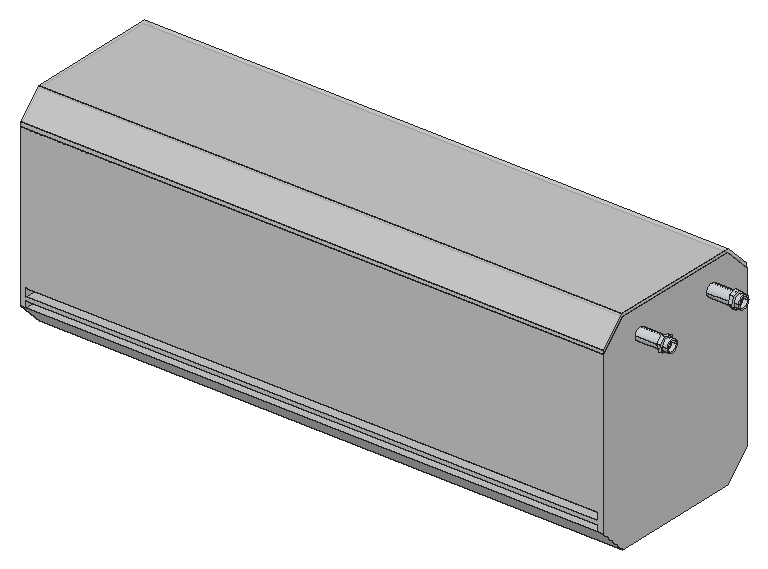
Revit family "Air-Curtain_Climate-Control_PoweredAire_ECE-ST", category Mechanical Equipment, host Face, Revit 2025
Family settings
  Host = Face
  Round Connector Dimension = Use Diameter
  Part Type = Normal
  OmniClass Number = 23.75.35.17.21
  OmniClass Title = Air Curtains
  Cut with Voids When Loaded = No
  Maintain Annotation Orientation = No
  Shared = No
  Room Calculation Point = No
Parameters
  upperrotation [instance] = if(Upper Pipe Connection Side A, 0.00°, 180.00°)  # 0.00°
  lowerrotation [instance] = if(Lower Pipe Connection Side A, 0.00°, 180.00°)  # 0.00°
  locateupperpipe [instance] = if(Upper Pipe Connection Side A, 0.00", Nozzle Width)  # 0.00"
  locatelowerpipe [instance] = if(Lower Pipe Connection Side A, 0.00", Nozzle Width)  # 0.00"
  Upper Pipe Connection Side A [instance] = yes
  Unit Width Notes = "Other Widths available."  # constant formula
  Unit Width = 49.00"
  Unit Weight = 0
  Unit Height = 15.00"
  Unit Depth [instance] = if(Include Filters, 25.875", 23.75")  # 23.75"
  Unit  depth [instance] = 17.50"
  URL = "http://www.poweredaire.com/"
  Specification = ""
  Projection from Host [instance] = 2.00"
  Product Page URL = "https://www.arcat.com/company/powered-aire-inc-47623"
  Power Rating = 0 W
  Piping_Water Flow [instance] = 0 GPM
  Piping_Operating Pressure [instance] = 0.00 psi
  Piping_Exit Temperature [instance] = 0 °F
  Piping_Entry Temperature [instance] = 0 °F
  Pipe OD [instance] = 5/8"
  Nozzle Width = if(1 = 1, Unit Width - 3.00", 0.00")  # 46.00"
  Mounting Width = if(1 = 1, Unit Width - 1.50", 0.00")  # 47.50"
  Mounting Height [instance] = 55.00"
  Motor RPM = 0
  Motor HP = 0
  Motor Count = 0
  Model = "ECE ST"
  Max Height = 0.00"
  Manufacturer = "Powered Aire, Inc"
  Lower Pipe Connection Side A [instance] = yes
  Keynote = "23 34 33"
  Include Filters [instance] = no
  Include Clearance [instance] = yes
  Heating Element Load = 0 W
  HVAC_Temperature Rise [instance] = 0 °F
  HVAC_Outlet Volume [instance] = 0 CFM
  HVAC_Outlet Velocity Uniformity = 0
  HVAC_Outlet Velocity [instance] = 0 FPM
  HVAC_BTU Input = 0.0 Btu/h
  Front Grating Material [instance] = Metal - Steel - PoweredAire - Stainless 304 Perforated
  Frame Finish [instance] = Metal - Steel - PoweredAire - Stainless 304
  Electrical_Wattage [instance] = Power Rating + Heating Element Load  # 0 W
  Electrical_Voltage [instance] = 0 V
  Electrical_Phase [instance] = 1
  Electrical_Frequency [instance] = 0 Hz
  Electrical_Amperage [instance] = 0 A
  Description = ""
  Default Elevation = 0.00"  # constant formula
  Copyright = "©Arcat Inc."
  Clearance_Top [instance] = 20.50"
  Clearance_Side B [instance] = 11.875"
  Clearance_Side A [instance] = 11.875"
  Clearance_Intake [instance] = 8.75"
  Clearance_Bottom [instance] = 12.00"
  Clearance Material [instance] = ARCAT Clearance
  CAD Details = ""
  Assembly Code = "D3090400"
Reference planes (in)
  plane 1 "Center (Elevation)": y = 13.13818
  plane 2: z = 0
  plane 3 "Center (Left/Right)": x = 0
  plane 4 "FF": y = -41.86182
  plane 5: z = 2
  plane 6: x = 24.5
  plane 7: x = -24.5
  plane 8: z = 19.5
  plane 9: z = 17.5
  plane 10: z = 4
  plane 11: z = 11.00407
  plane 12: x = -24
  plane 13: x = 24
  plane 14: y = 20.63818
  plane 15: y = 5.63818
  plane 16: z = 0
Forms (in)
  Extrusion 1, solid, material "Metal - Steel - PoweredAire - Stainless 304" <- "Frame Finish"
    sketch origin (0, 0, 6.73006) x (0, 1, 0) y (0, 0, 1)
      loop
        line (5.63818, -2.73006) -> (7.63818, -4.73006) -> (18.63818, -4.73006) -> (20.63818, -2.73006) -> (20.63818, 10.76994) -> (18.63818, 12.76994) -> (7.63818, 12.76994) -> (5.63818, 10.76994) -> (5.63818, -2.73006)
    from -24.5 to 24.5
  Extrusion 2, void
    sketch origin (0, 0.875, 1) x (0, 1, 0) y (0, 0, 1)
      loop
        line (4.76318, 3) -> (5.76318, 3) -> (5.76318, 4.5) -> (4.76318, 4.5) -> (4.76318, 3.82425) -> (5.61636, 3.82425) -> (5.61636, 3.57425) -> (4.76318, 3.57425) -> (4.76318, 3)
    from -24 to 24
  Extrusion 3, solid
    sketch origin (0, 13.13818, 0) x (1, 0, 0) y (0, 0, 1)
      loop
        line (1.75, 15.38) -> (-1.75, 15.38)
        arc (-1.75, 15.38) -> (-1.92678, 15.30678) -> (-2, 15.13) r 0.25
        line (-2, 15.13) -> (-2, 11.63)
        arc (-2, 11.63) -> (-1.92678, 11.45322) -> (-1.75, 11.38) r 0.25
        line (-1.75, 11.38) -> (1.75, 11.38)
        arc (1.75, 11.38) -> (1.92678, 11.45322) -> (2, 11.63) r 0.25
        line (2, 11.63) -> (2, 15.13)
        arc (2, 15.13) -> (1.92678, 15.30678) -> (1.75, 15.38) r 0.25
    from -9.75 to -7.5
  Extrusion 4, solid, material "Metal - Steel - PoweredAire - Stainless 304 Perforated" <- "Front Grating Material"
    sketch origin (0, 0, 0) x (0, 1, 0) y (0, 0, 1)
      loop
        line (20.63818, 17.5) -> (20.63818, 17.83698) -> (18.73688, 19.73828) -> (7.53948, 19.73828) -> (5.63818, 17.83698) -> (5.63818, 17.5) -> (7.63818, 19.5) -> (18.63818, 19.5) -> (20.63818, 17.5)
    from -24.5 to 24.5
  Extrusion 5, solid
    sketch origin (0, 13.13818, 0) x (1, 0, 0) y (0, 0, 1)
      loop
        circle (1.8, 15.18) r 0.05
      loop
        circle (-1.8, 11.58) r 0.05
    from -9.79 to -9.75
  Extrusion 6, void
    sketch origin (0, 13.13818, 0) x (1, 0, 0) y (0, 0, 1)
      loop
        circle (24, 15.5) r 0.38
      loop
        circle (24, 6) r 0.38
      loop
        circle (-24, 6) r 0.38
      loop
        circle (-24, 15.5) r 0.38
    from -28.84517 to 2.26874
Cuts and joins
  Extrusion 2, Extrusion 6 cuts Extrusion 1
Dimensions and locks (in)
  equal spacing: plane 7, plane 3 "Center (Left/Right)", plane 6
  "Unit Width": plane 7 to plane 6
  locked: plane 7 to plane 12 at 0.5
  locked: plane 13 to plane 6 at 0.5
  equal spacing: plane 15, plane 1 "Center (Elevation)", plane 14
  "Unit Height": plane 15 to plane 14
  plane 14 to plane 1 "Center (Elevation)" to plane 15 = 7.50", 7.50"
  Extrusion 2 sketch curve to Extrusion 2 sketch curve to Extrusion 2 sketch curve to Extrusion 2 sketch curve = 0.67575" locked, 0.25" locked, 0.57425" locked
  locked: Extrusion 2 sketch curve to Extrusion 2 sketch curve at 0.14681
  plane 11 to cut or joined group of Extrusion 1, Extrusion 2, Extrusion 6 = 9.00407"
  locked: plane 14 to Extrusion 3 at 2.25  (x2)
  locked: Extrusion 1 sketch curve to plane 5 at 2  (x2)
  locked: Extrusion 3 sketch curve to Extrusion 3 sketch curve at 4  (x2)
  equal spacing: Extrusion 3 sketch curve, plane 3 "Center (Left/Right)", Extrusion 3 sketch curve
  locked: Extrusion 3 sketch curve to plane 9 at 2.12
  locked: plane 10 to plane 5 at 2
  locked: plane 14 to Extrusion 1 sketch curve at 2
  locked: Extrusion 1 sketch curve to plane 15 at 2
  locked: plane 8 to plane 9 at 2
  "Unit  depth": plane 8 to plane 5
  "Projection from Host": plane 5 to plane 16
  locked: Extrusion 4 sketch curve to cut or joined group of Extrusion 1, Extrusion 2, Extrusion 6 at 0.23828  (x3)
  locked: Extrusion 5 to Extrusion 3 at 0.04
  locked: nested 1 to plane 15 at 3.75027
  locked: nested 2 to plane 14 at 3.75027
  "Mounting Height": plane 1 "Center (Elevation)" to plane 4 "FF"
  aligned and locked: plane 2 to host face
  aligned and locked: level to host face
  aligned and locked: plane 10 to cut or joined group of Extrusion 1, Extrusion 2, Extrusion 6
  aligned and locked: cut or joined group of Extrusion 1, Extrusion 2, Extrusion 6 to plane 10  (x2)
  aligned and locked: plane 8 to cut or joined group of Extrusion 1, Extrusion 2, Extrusion 6
  aligned and locked: plane 9 to cut or joined group of Extrusion 1, Extrusion 2, Extrusion 6
  aligned and locked: cut or joined group of Extrusion 1, Extrusion 2, Extrusion 6 to plane 8
  aligned and locked: cut or joined group of Extrusion 1, Extrusion 2, Extrusion 6 to plane 5
  aligned and locked: host face to plane 16
  aligned and locked: cut or joined group of Extrusion 1, Extrusion 2, Extrusion 6 to plane 7
  aligned and locked: plane 6 to cut or joined group of Extrusion 1, Extrusion 2, Extrusion 6
  aligned and locked: cut or joined group of Extrusion 1, Extrusion 2, Extrusion 6 to plane 12
  aligned and locked: plane 13 to cut or joined group of Extrusion 1, Extrusion 2, Extrusion 6
  aligned and locked: Extrusion 4 sketch curve to plane 8
  aligned and locked: Extrusion 4 to cut or joined group of Extrusion 1, Extrusion 2, Extrusion 6  (x5)
  aligned and locked: plane 14 to Extrusion 3
  aligned and locked: Extrusion 5 to Extrusion 3
  aligned and locked: nested 1 to plane 6
Automatic sketch dimensions
  host sketch curve to host sketch curve = 96.00"  (x2)
  Extrusion 1 sketch curve to plane 15 = 0.00"
  plane 8 to Extrusion 1 sketch curve = 0.00"
  Extrusion 1 sketch curve to plane 5 = 0.00"
  Extrusion 1 sketch curve to plane 9 = 0.00"  (x2)
  plane 15 to Extrusion 1 sketch curve = 2.00"
  plane 14 to Extrusion 1 sketch curve = 2.00"
  plane 10 to Extrusion 2 sketch curve = 0.00"
  Extrusion 2 sketch curve to plane 15 = 0.00"  (x2)
  Extrusion 2 sketch curve to Extrusion 2 sketch curve = 0.85319"
  Extrusion 1 sketch curve to plane 14 = 0.00"
  Extrusion 4 sketch curve to plane 9 = 0.00"  (x2)
  Extrusion 4 sketch curve to plane 14 = 0.00"
  Extrusion 4 sketch curve to Extrusion 4 sketch curve = 0.0987"  (x2)
  Extrusion 4 sketch curve to plane 15 = 0.00"
  Extrusion 3 sketch curve to Extrusion 3 sketch curve = 0.25"  (x4)
  plane 11 to Extrusion 5 sketch curve = 0.57593"
  Extrusion 5 sketch curve to plane 3 "Center (Left/Right)" = 1.80"
  Extrusion 5 sketch curve to plane 9 = 2.32"
  plane 3 "Center (Left/Right)" to Extrusion 5 sketch curve = 1.80"
  Extrusion 6 sketch curve to plane 12 = 0.00"  (x2)
  Extrusion 6 sketch curve to plane 13 = 0.00"  (x2)
  Extrusion 6 sketch curve to plane 10 = 2.00"  (x2)
  Extrusion 6 sketch curve to plane 9 = 2.00"  (x2)
  radius of Extrusion 5 sketch curve = 0.05"  (x2)
  radius of Extrusion 6 sketch curve = 0.38"  (x4)
Nested families (in)
  nested 1: "Valve" at (24.5, 9.38845, 30.15595) x (0, 1, 0) z (1, 0, 0), type "Valve"
    with upperpiperotation 0.00°, lowerpiperotation 0.00°, locateupperpipe 0.00", locatelowerpipe 0.00", Upper Pipe Connection Side A yes, Projection from Host 4.00", Piping_Water Flow 0 GPM, Piping_Operating Pressure 0.00 psi, Piping_Exit Temperature 0 °F, Piping_Entry Temperature 0 °F, Pipe OD 5/8", Mounting Height 42.00", Lower Pipe Connection Side A yes, Include Clearance yes, Front Grating Material Metal - Steel - PoweredAire - White Perforated, Frame Finish Metal - Steel - PoweredAire - Stainless 304, Electrical_Wattage 0 W, Electrical_Voltage 0 V, Electrical_Phase 1, Electrical_Frequency 0 Hz, Electrical_Amperage 0 A, Cover Finish Metal - Steel - PoweredAire - White, Clearance_Top 0.00", Clearance_Side B 0.00", Clearance_Side A 0.00", Clearance_Intake 0.00", Clearance_Front 43.00", Clearance Material ARCAT Clearance
  nested 2: "Valve" at (24.5, 16.88791, 30.15595) x (0, -1, 0) z (1, 0, 0), type "Valve"
    with upperpiperotation 0.00°, lowerpiperotation 0.00°, locateupperpipe 0.00", locatelowerpipe 0.00", Upper Pipe Connection Side A yes, Projection from Host 4.00", Piping_Water Flow 0 GPM, Piping_Operating Pressure 0.00 psi, Piping_Exit Temperature 0 °F, Piping_Entry Temperature 0 °F, Pipe OD 5/8", Mounting Height 42.00", Lower Pipe Connection Side A yes, Include Clearance yes, Front Grating Material Metal - Steel - PoweredAire - White Perforated, Frame Finish Metal - Steel - PoweredAire - Stainless 304, Electrical_Wattage 0 W, Electrical_Voltage 0 V, Electrical_Phase 1, Electrical_Frequency 0 Hz, Electrical_Amperage 0 A, Cover Finish Metal - Steel - PoweredAire - White, Clearance_Top 0.00", Clearance_Side B 0.00", Clearance_Side A 0.00", Clearance_Intake 0.00", Clearance_Front 43.00", Clearance Material ARCAT Clearance
Definition of nested family "Valve"
  Parameters (values of type "Valve")
    upperpiperotation [instance] = if(Upper Pipe Connection Side A, 0.00°, 180.00°)  # 0.00°
    lowerpiperotation [instance] = if(Lower Pipe Connection Side A, 0.00°, 180.00°)  # 0.00°
    locateupperpipe [instance] = if(Upper Pipe Connection Side A, 0.00", Nozzle Width)  # 0.00"
    locatelowerpipe [instance] = if(Lower Pipe Connection Side A, 0.00", Nozzle Width)  # 0.00"
    Upper Pipe Connection Side A [instance] = yes
    Unit Width Notes = "Other Widths available."  # constant formula
    Unit Width = 73.00"
    Unit Weight = 0
    Unit Height = 15.00"
    Unit Depth = 17.00"
    URL = "http://www.poweredaire.com/"
    Specification = ""
    Projection from Host [instance] = 4.00"
    Product Page URL = "https://www.arcat.com/company/powered-aire-inc-47623"
    Power Rating = 0 W
    Piping_Water Flow [instance] = 0 GPM
    Piping_Operating Pressure [instance] = 0.00 psi
    Piping_Exit Temperature [instance] = 0 °F
    Piping_Entry Temperature [instance] = 0 °F
    Pipe OD [instance] = 5/8"
    Nozzle Width = if(1 = 1, Unit Width - 3.00", 0.00")  # 70.00"
    Mounting Width = if(1 = 1, Unit Width - 1.50", 0.00")  # 71.50"
    Mounting Height [instance] = 42.00"
    Motor RPM = 0
    Motor HP = 0
    Motor Count = 0
    Model = "CLD CHD HW ST"
    Max Height = 0.00"
    Manufacturer = "Powered Aire, Inc"
    Lower Pipe Connection Side A [instance] = yes
    Keynote = "23 34 33"
    Junction Height = 1.77"
    Include Clearance [instance] = yes
    Heating Element Load = 0 W
    HVAC_Temperature Rise = 0 °F
    HVAC_Outlet Volume = 0 CFM
    HVAC_Outlet Velocity Uniformity = 0
    HVAC_Outlet Velocity = 0 FPM
    HVAC_BTU Input = 0.0 Btu/h
    Front Grating Material [instance] = none
    Frame Finish [instance] = none
    Electrical_Wattage [instance] = Power Rating + Heating Element Load  # 0 W
    Electrical_Voltage [instance] = 0 V
    Electrical_Phase [instance] = 1
    Electrical_Frequency [instance] = 0 Hz
    Electrical_Amperage [instance] = 0 A
    Description = ""
    Default Elevation = 0.00"  # constant formula
    Cover Finish [instance] = none
    Copyright = "©Arcat Inc."
    Clearance_Top [instance] = 0.00"
    Clearance_Side B [instance] = 0.00"
    Clearance_Side A [instance] = 0.00"
    Clearance_Intake [instance] = 0.00"
    Clearance_Front [instance] = 43.00"
    Clearance Material [instance] = none
    CAD Details = ""
    Assembly Code = "D3090400"
  Reference planes (in)
    plane 1 "Center (Elevation)": y = -12.65595
    plane 2: z = 0
    plane 3 "Center (Left/Right)": x = 0
  Forms (in)
    Extrusion 1, solid
      sketch origin (0, 0, 0) x (1, 0, 0) y (0, 1, 0)
        loop
          line (-60, 48) -> (-60, -48) -> (63.22671, -48) -> (63.22671, 48) -> (-60, 48)
      from 0 to -12
    Extrusion 2, solid
      sketch origin (0, 0, 0) x (1, 0, 0) y (0, 1, 0)
        loop
          circle (0, -12.65595) r 0.45
        loop
          circle (0, -12.65595) r 0.5
      from 0 to 2.75
    Extrusion 3, solid
      sketch origin (0, 0, 0) x (1, 0, 0) y (0, 1, 0)
        loop
          line (0.64691, -12.82929) -> (0.47357, -12.18238) -> (-0.17334, -12.00904) -> (-0.64691, -12.48261) -> (-0.47357, -13.12952) -> (0.17334, -13.30286) -> (0.64691, -12.82929)
        loop
          circle (0, -12.65595) r 0.5
      from 1.99342 to 2.31497
  Dimensions and locks (in)
    aligned and locked: plane 2 to Extrusion 1
    aligned and locked: level to Extrusion 1
